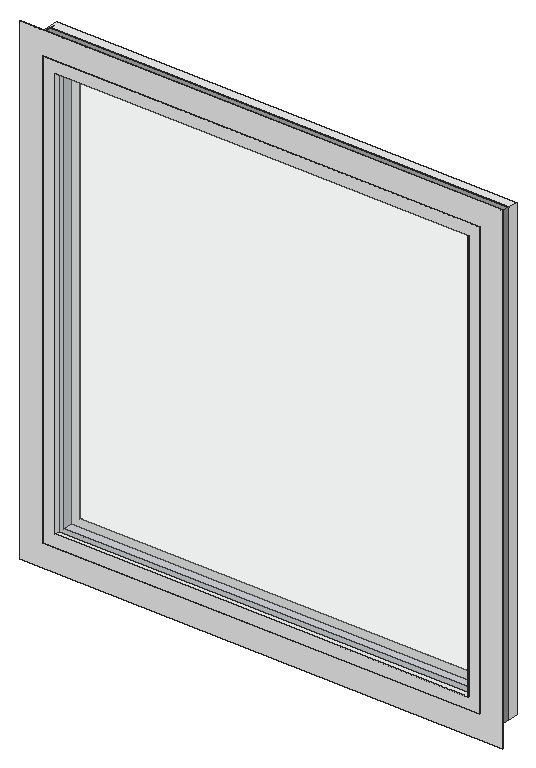
Revit family "Edge_TB42_C_Side_Hung_Standard", category Windows, host Wall, Revit 2014
Parameters (values of type "Casement_Sash_DG")
  Width Sash [instance] = 30 mm
  Width Sash Inner = 15 mm
  Width Bead = 15 mm
  Top Hung [instance] = yes
  Thermal Break Material = Rubber, Black
  Thermal Break Length = 16 mm
  Side Hung Right [instance] = yes
  Side Hung Left [instance] = yes
  Sash Opening Width [instance] = 600 mm
  Sash Opening Height [instance] = 600 mm
  Sash Lip = 15 mm
  Sash Leg [instance] = (Depth Sash - Thermal Break Length) / 2  # 13 mm
  SG Bead Leg = 6.683 mm
  Glazing Material [instance] = Glass
  Glazing Offset = 5 mm
  DG Start Piece 2 [instance] = DG End Piece 1 + DG Gasket Thickness  # 24.158 mm
  DG Start Peice 1 [instance] = ((Depth Sash - (2 * DG Glazing Thickness) - DG Gasket Thickness) / 2) - (SG Bead Leg - Aluminium Thickness) / 2  # 5.758 mm
  DG Glazing Thickness [instance] = 6.4 mm
  DG Gasket Thickness = 12 mm  # constant formula
  DG Gasket Material [instance] = none
  Depth Sash [instance] = 42 mm
  DG End Piece 2 [instance] = DG Start Piece 2 + DG Glazing Thickness  # 30.558 mm
  DG End Piece 1 [instance] = DG Start Peice 1 + DG Glazing Thickness  # 12.158 mm
  Center Vertical Sash [instance] = Sash Opening Height / 2  # 300 mm
  Center Horizontal Sash [instance] = Sash Opening Width / 2  # 300 mm
  Bottom Hung [instance] = yes
  Bead Offset = 15 mm
  Aluminium Thickness = 1 mm
  Aluminium Material [instance] = White Powder Coated Aluminium
Reference planes
  plane 1 "Center (Front/Back)": y = 0
  plane 2: z = 0
  plane 3 "Center (Left/Right)": x = 0
Forms (mm)
  Sweep 1, solid, material "White Powder Coated Aluminium" <- "Aluminium Material"
    path origin (16.177, 0, 121.331) x (1, 0, 0) y (0, 0, 1)
      loop
        line (0, 0) -> (600, 0) -> (600, 600) -> (0, 600) -> (0, 0)
    profile origin (316.177, 0, 121.331) x (0, 0, 1) y (0, -1, 0)
      loop
        line (0, 0) -> (30, 0) -> (30, 1) -> (15, 1) -> (15, 13) -> (14, 13) -> (14, 1) -> (1, 1) -> (1, 13) -> (0, 13) -> (0, 0)
      loop
        line (15, 42) -> (-15, 42) -> (-15, 41) -> (0, 41) -> (0, 29) -> (1, 29) -> (1, 41) -> (14, 41) -> (14, 29) -> (15, 29) -> (15, 42)
  Sweep 2, solid, material "White Powder Coated Aluminium" <- "Aluminium Material"
    path origin (0, 0, 0) x (1, 0, 0) y (0, 0, 1)
      loop
        line (31.177, 706.331) -> (31.177, 136.331) -> (601.177, 136.331) -> (601.177, 706.331) -> (31.177, 706.331)
    profile origin (316.177, 0, 706.331) x (0, 0, 1) y (0, -1, 0)
      loop
        line (0, 41) -> (0, 42) -> (-15, 42) -> (-15, 35.317) -> (-14, 35.317) -> (-14, 41) -> (0, 41)
  Extrusion 3, solid, material "Glass" <- "Glazing Material"
    sketch origin (0, 0, 0) x (1, 0, 0) y (0, 0, 1)
      loop
        line (36.177, 701.331) -> (36.177, 141.331) -> (596.177, 141.331) -> (596.177, 701.331) -> (36.177, 701.331)
    from 5.758 <- "DG Start Peice 1" to 12.158 <- "DG End Piece 1"
  Extrusion 4, solid, material "Glass" <- "Glazing Material"
    sketch origin (0, 0, 0) x (1, 0, 0) y (0, 0, 1)
      loop
        line (36.177, 701.331) -> (36.177, 141.331) -> (596.177, 141.331) -> (596.177, 701.331) -> (36.177, 701.331)
    from 30.558 <- "DG End Piece 2" to 24.158 <- "DG Start Piece 2"
  Sweep 5, solid, material <- "DG Gasket Material"
    path origin (0, -12.158, 0) x (1, 0, 0) y (0, 0, 1)
      loop
        line (36.177, 701.331) -> (36.177, 141.331) -> (596.177, 141.331) -> (596.177, 701.331) -> (36.177, 701.331)
    profile origin (316.177, -12.158, 701.331) x (0, 0, 1) y (0, -1, 0)
      loop
        line (0, 0) -> (0, 12) -> (-7.96, 12) -> (-7.96, 0) -> (0, 0)
  Sweep 6, solid, material "Rubber, Black" <- "Thermal Break Material"
    path origin (16.177, -13, 121.331) x (1, 0, 0) y (0, 0, 1)
      loop
        line (-15, 615) -> (-15, -15) -> (615, -15) -> (615, 615) -> (-15, 615)
    profile origin (316.177, -13, 736.331) x (0, 0, 1) y (0, -1, 0)
      loop
        line (-15, 16) -> (-16, 16) -> (-16, 0) -> (-15, 0) -> (-15, 16)
      loop
        line (-29, 16) -> (-30, 16) -> (-30, 0) -> (-29, 0) -> (-29, 16)
Lines and regions (mm)
  model lines
    curve 1: line (1.177, -42, 736.331) -> (31.177, -42, 706.331)
    curve 2: line (601.177, -42, 706.331) -> (631.177, -42, 736.331)
    curve 3: line (601.177, -42, 136.331) -> (631.177, -42, 106.331)
    curve 4: line (1.177, -42, 106.331) -> (31.177, -42, 136.331)
    curve 5: line (631.177, -41, 736.331) -> (616.177, -41, 721.331)
    curve 6: line (1.177, -41, 736.331) -> (16.177, -41, 721.331)
    curve 7: line (1.177, -41, 106.331) -> (16.177, -41, 121.331)
    curve 8: line (631.177, -41, 106.331) -> (616.177, -41, 121.331)
    curve 9: line (616.177, 0, 121.331) -> (586.177, 0, 151.331)
    curve 10: line (46.177, 0, 151.331) -> (16.177, 0, 121.331)
    curve 11: line (616.177, 0, 721.331) -> (586.177, 0, 691.331)
    curve 12: line (46.177, 0, 691.331) -> (16.177, 0, 721.331)
    curve 13: line (31.177, -42, 691.331) -> (46.177, -42, 691.331)
    curve 14: line (586.177, -42, 691.331) -> (601.177, -42, 691.331)
    curve 15: line (586.177, -42, 151.331) -> (601.177, -42, 151.331)
    curve 16: line (31.177, -42, 151.331) -> (46.177, -42, 151.331)
  model lines, style "GenericModelHiddenLines", visible <- "Top Hung"
    curve 17: line (46.386, -30.558, 690.602) -> (316.177, -30.558, 151.331)
    curve 18: line (316.177, -30.558, 151.331) -> (586.177, -30.558, 691.018)
  model lines, style "GenericModelHiddenLines", visible <- "Bottom Hung"
    curve 19: line (46.177, -30.558, 151.331) -> (316.177, -30.558, 691.018)
    curve 20: line (316.177, -30.558, 691.018) -> (586.177, -30.558, 151.331)
  model lines, style "GenericModelHiddenLines", visible <- "Side Hung Left"
    curve 21: line (46.386, -30.558, 690.602) -> (585.24, -30.558, 421.331)
    curve 22: line (585.24, -30.558, 421.331) -> (46.177, -30.558, 151.331)
  model lines, style "GenericModelHiddenLines", visible <- "Side Hung Right"
    curve 23: line (586.177, -30.558, 691.018) -> (46.177, -30.558, 421.331)
    curve 24: line (46.177, -30.558, 421.331) -> (586.177, -30.558, 151.331)
Dimensions and locks
  "Aluminium Thickness": Sweep 1 sketch curve to Sweep 1 sketch curve  (x6)
  "Depth Sash": Sweep 1 sketch curve to Sweep 1 sketch curve
  "Sash Opening Width": Sweep 1 to Sweep 1
  "Sash Opening Height": Sweep 1 to Sweep 1
  "Width Sash": Sweep 1 sketch curve to Sweep 1 sketch curve  (x2)
  "Width Sash Inner": Sweep 1 sketch curve to Sweep 1 sketch curve
  "Sash Lip": Sweep 1 sketch curve to Sweep 1 sketch curve
  "Glazing Offset": Sweep 2 to Extrusion 3 sketch curve  (x3)
  "Glazing Offset": Extrusion 3 sketch curve to Sweep 2
  Sweep 1 to Sweep 1 = 1 mm
  "Width Bead": Sweep 2 sketch curve to Sweep 2 sketch curve
  locked: Sweep 5 sketch curve to Sweep 5 sketch curve at 7.96
  "Center Horizontal Sash": Sweep 1 to curve 18
  "Center Horizontal Sash": Sweep 1 to curve 20
  "Center Vertical Sash": Sweep 1 to curve 22
  "Center Vertical Sash": Sweep 1 to curve 24
  "Sash Leg": Sweep 1 sketch curve to Sweep 1 sketch curve
  "Aluminium Thickness": Sweep 2 sketch curve to Sweep 2 sketch curve  (x2)
  "SG Bead Leg": Sweep 2 sketch curve to Sweep 2 sketch curve
  aligned and locked: level to plane 2
  aligned and locked: Sweep 1 sketch curve to Sweep 1 sketch curve  (x3)
  aligned and locked: Sweep 2 sketch curve to Sweep 1  (x4)
  aligned and locked: Sweep 1 to Sweep 2 sketch curve  (x2)
  aligned and locked: Extrusion 4 sketch curve to Extrusion 3  (x4)
  aligned and locked: Sweep 5 sketch curve to Extrusion 3  (x5)
  aligned and locked: Extrusion 3 to Sweep 5 sketch curve
  aligned and locked: Sweep 6 sketch curve to Sweep 1  (x10)
  aligned and locked: Sweep 1 to Sweep 6 sketch curve  (x2)
Automatic sketch dimensions
  plane 3 "Center (Left/Right)" to Sweep 1 sketch curve = 16.177 mm
  level to Sweep 1 sketch curve = 121.331 mm
  plane 3 "Center (Left/Right)" to Sweep 1 sketch curve = 616.177 mm
  level to Sweep 1 sketch curve = 721.331 mm
  profile plane to Sweep 5 sketch curve = 12 mm
  curve 7 to Sweep 1 = 0 mm  (x4)
  curve 6 to Sweep 1 = 0 mm  (x3)
  Sweep 1 to curve 6 = 0 mm
  curve 5 to Sweep 1 = 0 mm  (x3)
  curve 8 to Sweep 1 = 0 mm  (x4)
  Sweep 1 to curve 5 = 0 mm
  curve 16 to Sweep 2 = 0 mm  (x3)
  curve 13 to Sweep 2 = 0 mm  (x3)
  curve 15 to Sweep 2 = 0 mm
  Sweep 2 to curve 15 = 0 mm  (x2)
  curve 14 to Sweep 2 = 0 mm  (x2)
  Sweep 2 to curve 14 = 0 mm
  curve 1 to Sweep 1 = 0 mm  (x4)
  curve 4 to Sweep 1 = 0 mm  (x4)
  curve 2 to Sweep 1 = 0 mm  (x4)
  curve 3 to Sweep 1 = 0 mm  (x2)
  Sweep 1 to curve 3 = 0 mm  (x2)
  curve 10 to Sweep 1 = 0 mm  (x4)
  curve 12 to Sweep 1 = 0 mm  (x2)
  Sweep 1 to curve 12 = 0 mm  (x2)
  curve 11 to Sweep 1 = 0 mm  (x4)
  curve 9 to Sweep 1 = 0 mm  (x4)
  profile plane to Sweep 1 sketch curve = 0 mm  (x2)
  Sweep 1 sketch curve to plane 1 "Center (Front/Back)" = 0 mm
  Sweep 1 sketch curve to Sweep 1 sketch curve = 13 mm
  Sweep 1 sketch curve to Sweep 1 sketch curve = 12 mm  (x2)
  curve 21 to Extrusion 4 = 10.208 mm
  curve 19 to Extrusion 4 = 10 mm
  curve 23 to Extrusion 4 = 10 mm  (x2)
  curve 22 to Extrusion 4 = 10.937 mm
  curve 20 to Extrusion 4 = 10 mm
  curve 24 to Extrusion 4 = 10 mm
  curve 22 to Extrusion 4 = 10 mm
  curve 18 to Extrusion 4 = 10 mm
  curve 21 to Extrusion 4 = 10.729 mm
  curve 19 to Extrusion 4 = 10.312 mm
  curve 18 to Extrusion 4 = 10.312 mm
Types in the file's own list only (12): name | Windload Design | Width Sash Right Opening | Width Sash Right | Width Sash Left Opening | Width Sash Left | Width Profile | Width Fixed Panel Center | Width | URL | Offset Window Exterior | Offset Mullion Right Side | Max System DG Unit Thickness | Max System DG One Piece Thickness | Max Pane Area | Intruderprufe U Value | Intruderprufe SHGC Value | Intruderprufe LowE U Value | Intruderprufe LowE SHGC Value | Intruderprufe Insulated U Value | Intruderprufe Insulated SHGC Value | Intruderprufe Insulated LowE U Value | Intruderprufe Insulated LowE SHGC Value | Height Sash Opening | Height | Has Stiffener Cap | Energy Advantage U Value | Energy Advantage SHGC Value | DG Thickness Calc | Custom Window Width | Custom Window Height | Window Exterior Offset | Custom Windload | Custom Sash Right Width | Custom Sash Left Width | Sash Height | Side Hung Right | Sash Spacing Inner | Sash Overlap | Sash Center Offset | SG Gasket Thickness | Offset Sash Side | Offset Sash Top | Offset Fixed Panel Left | Offset Mullion Left Side | Offset Bead Center Reversed | Model | Manufacturer | Limit Window Width Min | Limit Window Width Max | Limit Window Height Min | Limit Window Height Max | Limit Sash Width Min | Limit Sash Width Max | Limit Sash Height Min | Limit Sash Height Max | Limit Fixed Pane Width Min | Limit Fixed Pane Width Max | Length Mullion | Height Sash | Height Fixed Panel Center | Description | Depth Mullion | Frame Center Offset | Depth Bead | Default Sill Height | Wall Closure | DG Gasket Finish | DG Extrusion Start | Mullion Depth Windload Based | Clearvue U Value | Clearvue SHGC Value | Clearvue Insulated U Value | Clearvue Insulated SHGC Value | Clearvue Insulated LowE U Value | Clearvue Insulated LowE SHGC Value | Casement Dimension | Bead SG Gap | Area Pane Right | Area Pane Middle | Area Pane Left
  EDGE-1809SS-1000Pa | 1000 mm | 524 mm | 554 mm | 524 mm | 554 mm | 30 mm | 590 mm | 1790 mm | "http://www.crealco.co.za/crealco-products.php" | 21 mm | 570 mm | 25 mm | 6 mm | 0.48 m² | 5.24 | 0.526 | 3.96 | 0.471 | 3.05 | 0.465 | 2.56 | 0.419 | 844 mm | 890 mm | No | 3.96 | 0.505 | 4 mm | 1790 mm | 890 mm | 0 mm | 1000 mm | 554 mm | 554 mm | 845 mm | No | 8 mm | 7 mm | 18 mm | 6 mm | 23 mm | 23 mm | 600 mm | 570 mm | 21 mm | "Edge" | "Crealco" | 1400 mm | 2700 mm | 346 mm | 1546 mm | 300 mm | 700 mm | 300 mm | 1500 mm | 200 mm | 1500 mm | 890 mm | 814 mm | 830 mm | "Thermal break casement windows (42mm), Type C side hung" | 43 mm | 21 mm | 28 mm | 800 mm | By host | Double Glazing Gasket Material | 11 mm | 0 mm | 5.33 | 0.564 | 3.09 | 0.507 | 2.6 | 0.461 | 42 mm | 13 mm | 0.35 m² | 0.48 m² | 0.35 m²
  EDGE-2409SS-1000Pa | 1000 mm | 524 mm | 554 mm | 524 mm | 554 mm | 30 mm | 1190 mm | 2390 mm | "http://www.crealco.co.za/crealco-products.php" | 21 mm | 570 mm | 25 mm | 6 mm | 0.97 m² | 5.3 | 0.572 | 3.91 | 0.511 | 2.98 | 0.504 | 2.45 | 0.455 | 844 mm | 890 mm | No | 3.92 | 0.548 | 4 mm | 2390 mm | 890 mm | 0 mm | 1000 mm | 554 mm | 554 mm | 845 mm | No | 8 mm | 7 mm | 18 mm | 6 mm | 23 mm | 23 mm | 600 mm | 570 mm | 21 mm | "Edge" | "Crealco" | 1400 mm | 2700 mm | 346 mm | 1546 mm | 300 mm | 700 mm | 300 mm | 1500 mm | 200 mm | 1500 mm | 890 mm | 814 mm | 830 mm | "Thermal break casement windows (42mm), Type C side hung" | 43 mm | 21 mm | 28 mm | 800 mm | By host | Double Glazing Gasket Material | 11 mm | 0 mm | 5.43 | 0.612 | 3.03 | 0.549 | 2.49 | 0.499 | 42 mm | 13 mm | 0.35 m² | 0.97 m² | 0.35 m²
  EDGE-1812SS-1000Pa | 1000 mm | 524 mm | 554 mm | 524 mm | 554 mm | 30 mm | 590 mm | 1790 mm | "http://www.crealco.co.za/crealco-products.php" | 21 mm | 570 mm | 25 mm | 6 mm | 0.65 m² | 5.29 | 0.552 | 3.93 | 0.493 | 2.5 | 0.438 | 3.01 | 0.486 | 1144 mm | 1190 mm | No | 3.94 | 0.528 | 4 mm | 1790 mm | 1190 mm | 0 mm | 1000 mm | 554 mm | 554 mm | 1145 mm | No | 8 mm | 7 mm | 18 mm | 6 mm | 23 mm | 23 mm | 600 mm | 570 mm | 21 mm | "Edge" | "Crealco" | 1400 mm | 2700 mm | 346 mm | 1546 mm | 300 mm | 700 mm | 300 mm | 1500 mm | 200 mm | 1500 mm | 1190 mm | 1114 mm | 1130 mm | "Thermal break casement windows (42mm), Type C side hung" | 43 mm | 21 mm | 28 mm | 800 mm | By host | Double Glazing Gasket Material | 11 mm | 0 mm | 5.38 | 0.591 | 6.05 | 0.529 | 2.54 | 0.481 | 42 mm | 13 mm | 0.49 m² | 0.65 m² | 0.49 m²
  EDGE-2412SS-1000Pa | 1000 mm | 524 mm | 554 mm | 524 mm | 554 mm | 30 mm | 1190 mm | 2390 mm | "http://www.crealco.co.za/crealco-products.php" | 21 mm | 570 mm | 25 mm | 6 mm | 1.32 m² | 5.38 | 0.597 | 3.88 | 0.532 | 2.95 | 0.524 | 2.39 | 0.473 | 1144 mm | 1190 mm | No | 3.9 | 0.571 | 4 mm | 2390 mm | 1190 mm | 0 mm | 1000 mm | 554 mm | 554 mm | 1145 mm | No | 8 mm | 7 mm | 18 mm | 6 mm | 23 mm | 23 mm | 600 mm | 570 mm | 21 mm | "Edge" | "Crealco" | 1400 mm | 2700 mm | 346 mm | 1546 mm | 300 mm | 700 mm | 300 mm | 1500 mm | 200 mm | 1500 mm | 1190 mm | 1114 mm | 1130 mm | "Thermal break casement windows (42mm), Type C side hung" | 43 mm | 21 mm | 28 mm | 800 mm | By host | Double Glazing Gasket Material | 11 mm | 0 mm | 5.48 | 0.638 | 2.99 | 0.57 | 2.42 | 0.519 | 42 mm | 13 mm | 0.49 m² | 1.32 m² | 0.49 m²
  EDGE-1809SS-1500Pa | 1500 mm | 524 mm | 554 mm | 524 mm | 554 mm | 30 mm | 590 mm | 1790 mm | "http://www.crealco.co.za/crealco-products.php" | 21 mm | 570 mm | 25 mm | 6 mm | 0.48 m² | 5.24 | 0.526 | 3.96 | 0.471 | 3.05 | 0.465 | 2.56 | 0.419 | 844 mm | 890 mm | No | 3.96 | 0.505 | 4 mm | 1790 mm | 890 mm | 0 mm | 1500 mm | 554 mm | 554 mm | 845 mm | No | 8 mm | 7 mm | 18 mm | 6 mm | 23 mm | 23 mm | 600 mm | 570 mm | 21 mm | "Edge" | "Crealco" | 1400 mm | 2700 mm | 346 mm | 1546 mm | 300 mm | 700 mm | 300 mm | 1500 mm | 200 mm | 1500 mm | 890 mm | 814 mm | 830 mm | "Thermal break casement windows (42mm), Type C side hung" | 43 mm | 21 mm | 28 mm | 800 mm | By host | Double Glazing Gasket Material | 11 mm | 0 mm | 5.33 | 0.564 | 3.09 | 0.507 | 2.6 | 0.461 | 42 mm | 13 mm | 0.35 m² | 0.48 m² | 0.35 m²
  EDGE-1809SS-2000Pa | 2000 mm | 524 mm | 554 mm | 524 mm | 554 mm | 30 mm | 590 mm | 1790 mm | "http://www.crealco.co.za/crealco-products.php" | 21 mm | 570 mm | 25 mm | 6 mm | 0.48 m² | 5.24 | 0.526 | 3.96 | 0.471 | 3.05 | 0.465 | 2.56 | 0.419 | 844 mm | 890 mm | No | 3.96 | 0.505 | 4 mm | 1790 mm | 890 mm | 0 mm | 2000 mm | 554 mm | 554 mm | 845 mm | No | 8 mm | 7 mm | 18 mm | 6 mm | 23 mm | 23 mm | 600 mm | 570 mm | 21 mm | "Edge" | "Crealco" | 1400 mm | 2700 mm | 346 mm | 1546 mm | 300 mm | 700 mm | 300 mm | 1500 mm | 200 mm | 1500 mm | 890 mm | 814 mm | 830 mm | "Thermal break casement windows (42mm), Type C side hung" | 43 mm | 21 mm | 28 mm | 800 mm | By host | Double Glazing Gasket Material | 11 mm | 0 mm | 5.33 | 0.564 | 3.09 | 0.507 | 2.6 | 0.461 | 42 mm | 13 mm | 0.35 m² | 0.48 m² | 0.35 m²
  EDGE-2409SS-1500Pa | 1500 mm | 524 mm | 554 mm | 524 mm | 554 mm | 30 mm | 1190 mm | 2390 mm | "http://www.crealco.co.za/crealco-products.php" | 21 mm | 570 mm | 25 mm | 6 mm | 0.97 m² | 5.3 | 0.572 | 3.91 | 0.511 | 2.98 | 0.504 | 2.45 | 0.455 | 844 mm | 890 mm | No | 3.92 | 0.548 | 4 mm | 2390 mm | 890 mm | 0 mm | 1500 mm | 554 mm | 554 mm | 845 mm | No | 8 mm | 7 mm | 18 mm | 6 mm | 23 mm | 23 mm | 600 mm | 570 mm | 21 mm | "Edge" | "Crealco" | 1400 mm | 2700 mm | 346 mm | 1546 mm | 300 mm | 700 mm | 300 mm | 1500 mm | 200 mm | 1500 mm | 890 mm | 814 mm | 830 mm | "Thermal break casement windows (42mm), Type C side hung" | 43 mm | 21 mm | 28 mm | 800 mm | By host | Double Glazing Gasket Material | 11 mm | 0 mm | 5.43 | 0.612 | 3.03 | 0.549 | 2.49 | 0.499 | 42 mm | 13 mm | 0.35 m² | 0.97 m² | 0.35 m²
  EDGE-2409SS-2000Pa | 2000 mm | 524 mm | 554 mm | 524 mm | 554 mm | 30 mm | 1190 mm | 2390 mm | "http://www.crealco.co.za/crealco-products.php" | 21 mm | 570 mm | 25 mm | 6 mm | 0.97 m² | 5.3 | 0.572 | 3.91 | 0.511 | 2.98 | 0.504 | 2.45 | 0.455 | 844 mm | 890 mm | No | 3.92 | 0.548 | 4 mm | 2390 mm | 890 mm | 0 mm | 2000 mm | 554 mm | 554 mm | 845 mm | No | 8 mm | 7 mm | 18 mm | 6 mm | 23 mm | 23 mm | 600 mm | 570 mm | 21 mm | "Edge" | "Crealco" | 1400 mm | 2700 mm | 346 mm | 1546 mm | 300 mm | 700 mm | 300 mm | 1500 mm | 200 mm | 1500 mm | 890 mm | 814 mm | 830 mm | "Thermal break casement windows (42mm), Type C side hung" | 43 mm | 21 mm | 28 mm | 800 mm | By host | Double Glazing Gasket Material | 11 mm | 0 mm | 5.43 | 0.612 | 3.03 | 0.549 | 2.49 | 0.499 | 42 mm | 13 mm | 0.35 m² | 0.97 m² | 0.35 m²
  EDGE-1812SS-1500Pa | 1500 mm | 524 mm | 554 mm | 524 mm | 554 mm | 30 mm | 590 mm | 1790 mm | "http://www.crealco.co.za/crealco-products.php" | 21 mm | 570 mm | 25 mm | 6 mm | 0.65 m² | 5.29 | 0.552 | 3.93 | 0.493 | 2.5 | 0.438 | 3.01 | 0.486 | 1144 mm | 1190 mm | No | 3.94 | 0.528 | 4 mm | 1790 mm | 1190 mm | 0 mm | 1500 mm | 554 mm | 554 mm | 1145 mm | No | 8 mm | 7 mm | 18 mm | 6 mm | 23 mm | 23 mm | 600 mm | 570 mm | 21 mm | "Edge" | "Crealco" | 1400 mm | 2700 mm | 346 mm | 1546 mm | 300 mm | 700 mm | 300 mm | 1500 mm | 200 mm | 1500 mm | 1190 mm | 1114 mm | 1130 mm | "Thermal break casement windows (42mm), Type C side hung" | 43 mm | 21 mm | 28 mm | 800 mm | By host | Double Glazing Gasket Material | 11 mm | 0 mm | 5.38 | 0.591 | 6.05 | 0.529 | 2.54 | 0.481 | 42 mm | 13 mm | 0.49 m² | 0.65 m² | 0.49 m²
  EDGE-1812SS-2000Pa | 2000 mm | 524 mm | 554 mm | 524 mm | 554 mm | 30 mm | 590 mm | 1790 mm | "http://www.crealco.co.za/crealco-products.php" | 21 mm | 570 mm | 25 mm | 6 mm | 0.65 m² | 4.7 | 0.635 | 3.32 | 0.564 | 2.55 | 0.558 | 2.03 | 0.502 | 1144 mm | 1190 mm | Yes | 3.35 | 0.605 | 4 mm | 1790 mm | 1190 mm | 0 mm | 2000 mm | 554 mm | 554 mm | 1145 mm | No | 8 mm | 7 mm | 18 mm | 6 mm | 23 mm | 23 mm | 600 mm | 570 mm | 21 mm | "Edge" | "Crealco" | 1400 mm | 2700 mm | 346 mm | 1546 mm | 300 mm | 700 mm | 300 mm | 1500 mm | 200 mm | 1500 mm | 1190 mm | 1114 mm | 1130 mm | "Thermal break casement windows (42mm), Type C side hung" | 43 mm | 21 mm | 28 mm | 800 mm | By host | Double Glazing Gasket Material | 11 mm | 1 mm | 4.79 | 0.678 | 2.6 | 0.606 | 2.07 | 0.551 | 42 mm | 13 mm | 0.49 m² | 0.65 m² | 0.49 m²
  EDGE-2412SS-1500Pa | 1500 mm | 524 mm | 554 mm | 524 mm | 554 mm | 30 mm | 1190 mm | 2390 mm | "http://www.crealco.co.za/crealco-products.php" | 21 mm | 570 mm | 25 mm | 6 mm | 1.32 m² | 5.38 | 0.597 | 3.88 | 0.532 | 2.95 | 0.524 | 2.39 | 0.473 | 1144 mm | 1190 mm | No | 3.9 | 0.571 | 4 mm | 2390 mm | 1190 mm | 0 mm | 1500 mm | 554 mm | 554 mm | 1145 mm | No | 8 mm | 7 mm | 18 mm | 6 mm | 23 mm | 23 mm | 600 mm | 570 mm | 21 mm | "Edge" | "Crealco" | 1400 mm | 2700 mm | 346 mm | 1546 mm | 300 mm | 700 mm | 300 mm | 1500 mm | 200 mm | 1500 mm | 1190 mm | 1114 mm | 1130 mm | "Thermal break casement windows (42mm), Type C side hung" | 43 mm | 21 mm | 28 mm | 800 mm | By host | Double Glazing Gasket Material | 11 mm | 0 mm | 5.48 | 0.638 | 2.99 | 0.57 | 2.42 | 0.519 | 42 mm | 13 mm | 0.49 m² | 1.32 m² | 0.49 m²
  EDGE-2412SS-2000Pa | 2000 mm | 524 mm | 554 mm | 524 mm | 554 mm | 30 mm | 1190 mm | 2390 mm | "http://www.crealco.co.za/crealco-products.php" | 21 mm | 570 mm | 25 mm | 6 mm | 1.32 m² | 4.94 | 0.659 | 3.42 | 0.585 | 2.61 | 0.578 | 2.04 | 0.521 | 1144 mm | 1190 mm | Yes | 3.46 | 0.628 | 4 mm | 2390 mm | 1190 mm | 0 mm | 2000 mm | 554 mm | 554 mm | 1145 mm | No | 8 mm | 7 mm | 18 mm | 6 mm | 23 mm | 23 mm | 600 mm | 570 mm | 21 mm | "Edge" | "Crealco" | 1400 mm | 2700 mm | 346 mm | 1546 mm | 300 mm | 700 mm | 300 mm | 1500 mm | 200 mm | 1500 mm | 1190 mm | 1114 mm | 1130 mm | "Thermal break casement windows (42mm), Type C side hung" | 43 mm | 21 mm | 28 mm | 800 mm | By host | Double Glazing Gasket Material | 11 mm | 1 mm | 5.04 | 0.704 | 2.65 | 0.628 | 0.207 | 0.571 | 42 mm | 13 mm | 0.49 m² | 1.32 m² | 0.49 m²
